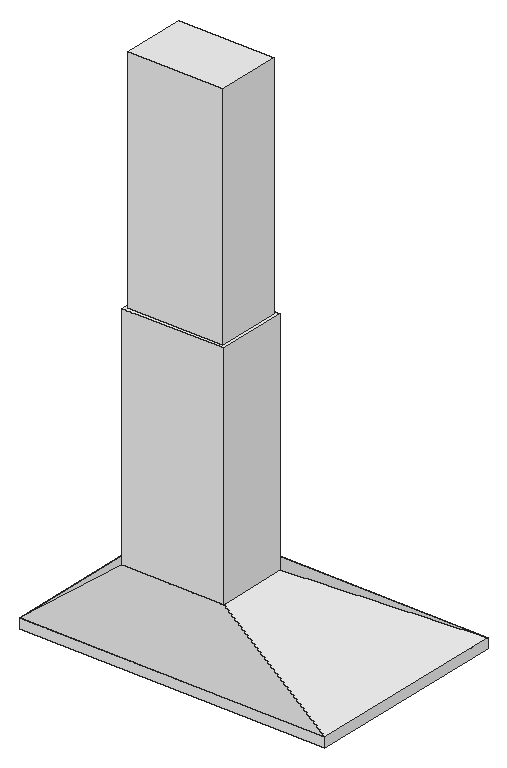
Revit family
Parameters (values of type "900 x 600mm")
  Material = Metal - Aluminium
  Manufacturer = "Revit"
  Ceiling Height = 3000 mm
  Assembly Code = ""
Reference planes
  plane 1: y = 0
  plane 2 "Center (Left/Right)": x = 125
  plane 3 "Back": y = 75
  plane 4: z = 1400
  plane 5: z = 2322.5
  plane 6: z = 3000
  plane 7: z = 1645
Forms (mm)
  Blend 1, solid, material "Metal - Aluminium" <- "Material"
    base sketch origin (0, 0, 1400) x (0, 1, 0) y (-1, 0, 0)
      loop
        line (75, 325) -> (75, -575) -> (675, -575) -> (675, 325) -> (75, 325)
    top sketch origin (0, 0, 1400) x (0, 1, 0) y (-1, 0, 0)
      loop
        line (75, 25) -> (75, -275) -> (285, -275) -> (285, 25) -> (75, 25)
    from 0 to 245
  Extrusion 2, solid, material "Metal - Aluminium" <- "Material"
    sketch origin (0, 0, 1645) x (0, 1, 0) y (-1, 0, 0)
      loop
        line (285, -275) -> (285, 25) -> (75, 25) -> (75, -275) -> (285, -275)
    from 0 to 677.5
  Extrusion 3, solid, material "Metal - Aluminium" <- "Material"
    sketch origin (0, 0, 2322.5) x (0, 1, 0) y (-1, 0, 0)
      loop
        line (85, 15) -> (85, -265) -> (275, -265) -> (275, 15) -> (85, 15)
    from 0 to 677.5
  Extrusion 4, solid, material "Metal - Aluminium" <- "Material"
    sketch origin (0, 0, 1400) x (-1, 0, 0) y (0, 1, 0)
      loop
        line (325, 675) -> (-575, 675) -> (-575, 75) -> (325, 75) -> (325, 675)
    from 0 to 30
Lines and regions (mm)
  model lines, detail levels medium+fine
    curve 1: line (-205, 592.86, 1370) -> (455, 592.86, 1370)
    curve 2: line (455, 152.86, 1370) -> (-205, 152.86, 1370)
    curve 3: line (455, 592.86, 1370) -> (455, 152.86, 1370)
    curve 4: circle (515, 372.86, 1370) r 40 normal (0, 0, 1)
    curve 5: circle (-265, 372.86, 1370) r 40 normal (0, 0, -1)
    curve 6: line (-205, 592.86, 1370) -> (-205, 152.86, 1370)
    curve 7: line (-5, 592.86, 1370) -> (-5, 152.86, 1370)
    curve 8: line (255, 592.86, 1370) -> (255, 152.86, 1370)
Text (mm)
  text "Placement side" at (-1864.261, 916.262, 0), in view "Ref. Level"
  text "Placement side" at (0, 1605.175, 2923.955), in view "Left"
  text "Placement side" at (0, 595.982, 3004.978), in view "Right"
Dimensions and locks
  locked: plane 3 "Back" to host wall at 0
  locked: Blend 1 sketch curve to Blend 1 sketch curve at 900
  equal spacing: Blend 1 sketch curve, plane 2 "Center (Left/Right)", Blend 1 sketch curve
  locked: Blend 1 sketch curve to Blend 1 sketch curve at 300
  locked: Blend 1 sketch curve to Blend 1 sketch curve at 210
  locked: plane 4 to plane 7 at 245
  equal spacing: plane 7, plane 5, plane 6
  locked: Extrusion 2 to Extrusion 3 sketch curve at 10  (x3)
  locked: Extrusion 3 sketch curve to Extrusion 2 at 10
  locked: Extrusion 4 to plane 4 at 30
  "Ceiling Height": level to plane 6
  aligned and locked: plane 1 to host wall
  aligned and locked: host wall to Blend 1 sketch curve
  aligned and locked: plane 3 "Back" to Blend 1 sketch curve
  aligned and locked: Blend 1 to plane 7
  aligned and locked: plane 4 to Blend 1
  aligned and locked: Extrusion 2 sketch curve to Blend 1  (x3)
  aligned and locked: Blend 1 to Extrusion 2 sketch curve
  aligned and locked: plane 7 to Extrusion 2
  aligned and locked: Extrusion 2 to plane 7
  aligned and locked: Extrusion 2 to plane 5
  aligned and locked: Extrusion 3 to plane 6
  aligned and locked: Extrusion 4 sketch curve to Blend 1  (x4)
Automatic sketch dimensions
  host wall to Blend 1 sketch curve = 600 mm
  plane 2 "Center (Left/Right)" to Blend 1 sketch curve = 150 mm
  host wall to curve 6 = 77.86 mm
  curve 5 to curve 6 = 60 mm
  plane 2 "Center (Left/Right)" to curve 8 = 130 mm
  curve 2 to curve 4 = 60 mm
  curve 2 to curve 4 = 220 mm
  curve 2 to curve 5 = 220 mm
  curve 4 to curve 3 = 220 mm
  curve 7 to plane 2 "Center (Left/Right)" = 130 mm
  curve 1 to curve 7 = 200 mm
  curve 8 to curve 1 = 200 mm
  radius of curve 4 = 40 mm
  radius of curve 5 = 40 mm
